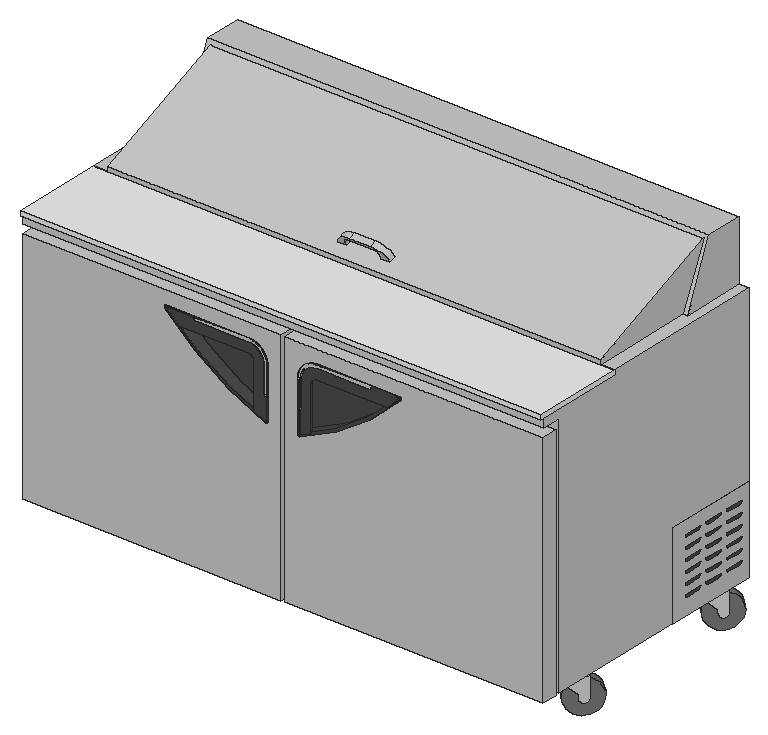
Revit family "QF_Turbo Air_TST-60SD658ab2ba-0372-4836-8cd9-a526e8560eb1", category Specialty Equipment, Revit 2012 (continued)
Definition of nested family "QF_Turbo Air_TBL_Door-2"
  Dimensions and locks (in)
    locked: plane 4 to Extrusion 2 sketch curve at 13.33935
    locked: plane 4 to Extrusion 2 sketch curve at 13.46886
    locked: plane 4 to Extrusion 2 sketch curve at 1.81175
    locked: plane 4 to Extrusion 2 sketch curve at 1.5625
    locked: plane 4 to Extrusion 5 sketch curve at 1.56238
    locked: plane 4 to Extrusion 5 sketch curve at 1.95332
    locked: plane 4 to Extrusion 5 sketch curve at 3.75417
    locked: plane 4 to Extrusion 5 sketch curve at 9.75121
    locked: plane 4 to Extrusion 5 sketch curve at 10.11912
    locked: plane 4 to Extrusion 5 sketch curve at 13.06018
    locked: plane 4 to Extrusion 5 sketch curve at 13.19443
    locked: plane 4 to Extrusion 5 sketch curve at 12.0807
    locked: plane 4 to Extrusion 5 sketch curve at 11.82104
    locked: plane 4 to Extrusion 5 sketch curve at 3.75003
    locked: plane 4 to Extrusion 5 sketch curve at 3.12498
    locked: plane 4 to Extrusion 5 sketch curve at 2.89679
    locked: plane 4 to Extrusion 5 sketch curve at 1.81671
    aligned and locked: level to plane 2
    aligned and locked: Extrusion 1 sketch curve to plane 6
    aligned and locked: plane 3 "LEFT" to Extrusion 1 sketch curve
    aligned and locked: level to Extrusion 1 sketch curve
    aligned and locked: Extrusion 1 sketch curve to plane 4
    aligned and locked: plane 5 "FRONT" to Extrusion 1
    aligned and locked: plane 1 "BACK" to curve 1
    aligned and locked: plane 3 "LEFT" to curve 2
    aligned and locked: curve 3 to plane 5 "FRONT"
    aligned and locked: curve 4 to plane 4
    aligned and locked: Extrusion 3 sketch curve to Extrusion 1  (x4)
  Automatic sketch dimensions
    plane 4 to Extrusion 1 sketch curve = 0' - 9.03101"
    Extrusion 2 sketch curve to plane 6 = 0' - 1 9/16"
    Extrusion 2 sketch curve to Extrusion 2 sketch curve = 0' - 5.79986"
    Extrusion 2 sketch curve to Extrusion 2 sketch curve = 0' - 0.31136"
    plane 4 to Extrusion 2 sketch curve = 0' - 9.03101"
    Extrusion 2 sketch curve to Extrusion 2 sketch curve = 0' - 0.17704"
    Extrusion 3 sketch curve to Extrusion 3 sketch curve = 0' - 0.12951"
    Extrusion 3 sketch curve to Extrusion 3 sketch curve = 0' - 0.15482"
    Extrusion 3 sketch curve to Extrusion 3 sketch curve = 0' - 0"  (x4)
    Extrusion 3 sketch curve to Extrusion 3 sketch curve = 0' - 0.00075"
    Extrusion 3 sketch curve to Extrusion 3 sketch curve = 0' - 0.09068"
    Extrusion 5 sketch curve to Extrusion 5 sketch curve = 0' - 0"  (x4)
    Extrusion 5 sketch curve to Extrusion 5 sketch curve = 0' - 0.00072"
    Extrusion 5 sketch curve to Extrusion 5 sketch curve = 0' - 2.81256"
    Extrusion 5 sketch curve to Extrusion 5 sketch curve = 0' - 0.36461"
    Extrusion 5 sketch curve to Extrusion 5 sketch curve = 0' - 1.8162"
    Extrusion 5 sketch curve to plane 6 = 0' - 1.89276"
    Extrusion 5 sketch curve to Extrusion 5 sketch curve = 0' - 0.14681"
    Extrusion 5 sketch curve to Extrusion 5 sketch curve = 0' - 0.06678"
    Extrusion 5 sketch curve to plane 6 = 0' - 1.58287"
